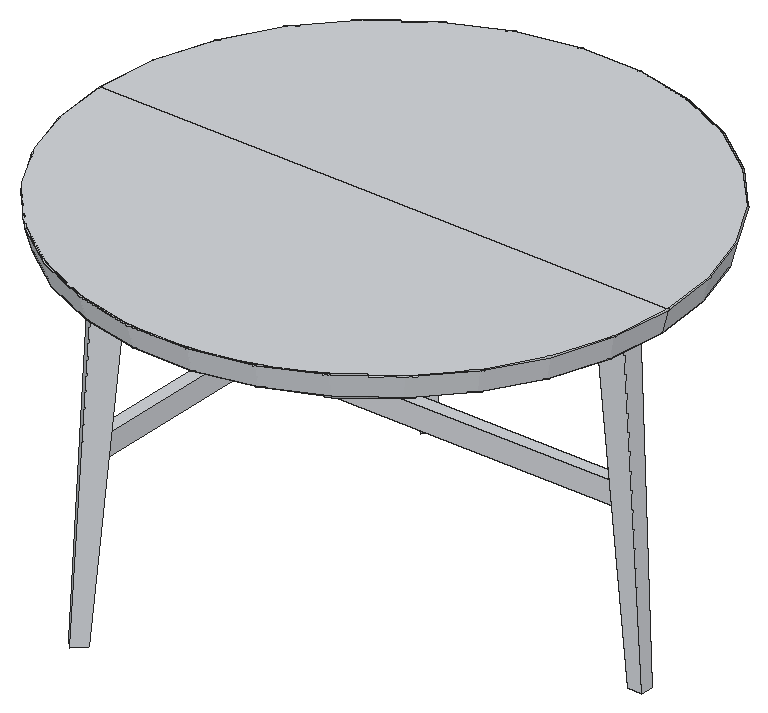
Revit family "1041 - Polo Coffee Table", category Furniture, Revit 2020
Family settings
  OmniClass Number = 23.40.20.00
  OmniClass Title = General Furniture and Specialties
  Work Plane-Based = No
  Always vertical = Yes
  Cut with Voids When Loaded = No
  Shared = No
  Room Calculation Point = No
Parameters
  Default Elevation = 0 mm
Reference planes
  plane 1 "Center (Front/Back)": y = 0
  plane 2: z = 0
  plane 3 "Center (Left/Right)": x = 0
  plane 4: z = 490
  plane 5: z = 457
  plane 6: y = 9
  plane 7: y = -9
  plane 8: y = 15
  plane 9: y = -15
  plane 10: x = 307
  plane 11: x = 346
  plane 12: x = 348.742
  plane 13: x = 368.742
  plane 14: z = 252
  plane 15: z = 222
  plane 16: x = -189.007
  plane 17: x = -171.007
Forms (mm)
  Blend 1, solid
    base sketch origin (0, 0, 0) x (1, 0, 0) y (0, 1, 0)
      loop
        line (348.742, 9) -> (348.742, -9) -> (368.742, -9) -> (368.742, 9) -> (348.742, 9)
    top sketch origin (-426.231, -1524, 457) x (-1, 0, 0) y (0, -1, 0)
      loop
        line (-733.231, -1539) -> (-733.231, -1509) -> (-772.231, -1509) -> (-772.231, -1539) -> (-733.231, -1539)
    from 0 to 0.132
  Blend 2, solid
    base sketch origin (69.676, -52.97, 0) x (-0.707107, -0.707107, 0) y (0.707107, -0.707107, 0)
      loop
        line (348.742, 9) -> (348.742, -9) -> (368.742, -9) -> (368.742, 9) -> (348.742, 9)
    top sketch origin (-706.565, 1326.051, 457) x (0.707107, 0.707107, 0) y (-0.707107, 0.707107, 0)
      loop
        line (-733.231, -1539) -> (-733.231, -1509) -> (-772.231, -1509) -> (-772.231, -1539) -> (-733.231, -1539)
    from 0 to 0.132
  Blend 3, solid
    base sketch origin (69.676, 52.97, 0) x (-0.707107, 0.707107, 0) y (-0.707107, -0.707107, 0)
      loop
        line (348.742, 9) -> (348.742, -9) -> (368.742, -9) -> (368.742, 9) -> (348.742, 9)
    top sketch origin (1448.697, 829.211, 457) x (0.707107, -0.707107, 0) y (0.707107, 0.707107, 0)
      loop
        line (-733.231, -1539) -> (-733.231, -1509) -> (-772.231, -1509) -> (-772.231, -1539) -> (-733.231, -1539)
    from 0 to 0.132
  Extrusion 4, solid
    sketch origin (0, 0, 0) x (0, 1, 0) y (0, 0, 1)
      loop
        line (296.143, 252) -> (-296.143, 252) -> (-297.476, 222) -> (297.476, 222) -> (296.143, 252)
    from -189.007 to -171.007
  Extrusion 5, solid
    sketch origin (0, 0, 0) x (1, 0, 0) y (0, 0, 1)
      loop
        line (-171.007, 252) -> (-171.007, 222) -> (328.47, 222) -> (325.731, 252) -> (-171.007, 252)
    from -9 to 9
  Revolve 6, solid
    sketch origin (0, 0, 0) x (1, 0, 0) y (0, 0, 1)
      loop
        arc (399.211, 488.737) -> (399.041, 489.607) -> (398.246, 490) r 1
        line (398.246, 490) -> (0, 490) -> (0, 457) -> (389.8, 457)
        arc (389.8, 457) -> (390.407, 457.205) -> (390.765, 457.737) r 1
        line (390.765, 457.737) -> (399.211, 488.737)
      axis (0, 490) -> (0, 457)
    angle from 0 to 360
Dimensions and locks
  aligned and locked: level to plane 2
